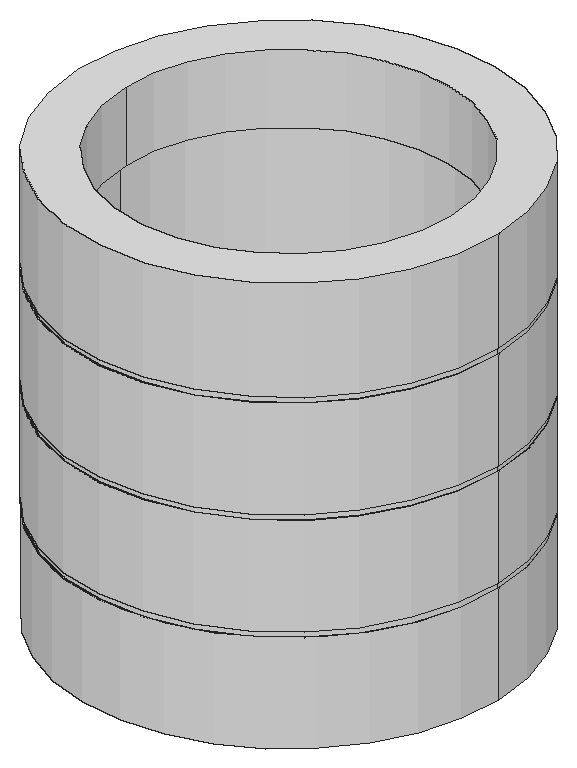
Revit family "Specialty_Equipment-Planter-Planters_Unlimited-Madera-Round", category Specialty Equipment, Revit 2023
Family settings
  Round Connector Dimension = Use Diameter
  Part Type = Normal
  OmniClass Number = 23.40.05.21.17
  OmniClass Title = Planters
  Work Plane-Based = No
  Enable Cutting in Views = Yes
  Always vertical = Yes
  Cut with Voids When Loaded = No
  Maintain Annotation Orientation = No
  Shared = No
  Room Calculation Point = No
Parameters (values of type "Default - Load Type Catalog")
  CD_Pads Offset Radius = (CD_Requested Diameter / 2) - 1"  # 8"
  CD_Pads Offset = CD_Pads Offset Radius / 1.4144  # 5 21/32"
  CD_Opening Diameter Bottom = CD_Opening Diameter Top + 1" / 2  # 14 1/2"
  CD_Opening Diameter Top = CD_Requested Diameter - 4"  # 14"
  Diagonal Support Visibility by Length = if(CD_Requested Diameter > 42", 1 = 1, 1 = 0)  # no
  URL = "https://www.plantersunlimited.com"
  Type Comments = "Round Planter"  # constant formula
  Model = "Madera Series Planters"  # constant formula
  Material = Plastic-Fiberglass-Carlsbad-Faux Wood-Grey
  Manufacturer = "Planters Unlimited"  # constant formula
  CD_Requested Diameter = 18"
  CD_Requested Height = 18"
  Description = "Modular Planting Bed"  # constant formula
  Default Elevation = 0"
  CD_Specification = ""
  CD_Product Page URL = "https://www.plantersunlimited.com/madera-round-wood-style-fiberglass-planter/"
  CD_Product Name = "Madera Planter"  # constant formula
  CD_Offset = 0"
  CD_Microsite = ""
  CD_Diameter Min = 18"
  CD_Diameter Max = 72"
  CD_Height Min = 18"
  CD_Height Max = 60"
  CD_Height = if(CD_Requested Height < CD_Height Min, CD_Height Min, if(CD_Requested Height > CD_Height Max, CD_Height Max, CD_Requested Height))  # 18"
  CD_Diameter = if(CD_Requested Diameter < CD_Diameter Min, CD_Diameter Min, if(CD_Requested Diameter > CD_Diameter Max, CD_Diameter Max, CD_Requested Diameter))  # 18"
  CD_Diagonal Support Half Length = (CD_Requested Diameter / 2) - 7" / 4  # 7 1/4"
  Assembly Code = "G2050600"
Reference planes (in)
  plane 1 "Center (Front/Back)": y = 0
  plane 2 "Bottom": z = 0
  plane 3 "Center (Left/Right)": x = 0
  plane 4 "Left": x = -9
  plane 5 "Right": x = 9
  plane 6 "Top": z = 18
  plane 7 "Top of Pads": z = 0.125
  plane 8: z = 0
  plane 9 "Width Left": x = -7.25
  plane 10 "Width Right": x = 7.25
  plane 11 "Opening Bottom": z = 2.125
  plane 12 "Trim Left": x = -7
  plane 13 "Trim Right": x = 7
  plane 14 "Trim Depth": z = 15
  plane 15 "Fake Wood Three": z = 13.5
  plane 16 "Fake Wood One": z = 4.5
  plane 17 "Fake Wood Two": z = 9
  plane 18 "Diagonal Support": through (0, 0, 48) normal (-0.7071, -0.7071, 0)
  plane 19 "Diagonal Support End One": through (-5.2812, 4.97184, 48) normal (-0.7071, 0.7071, 0)
  plane 20 "Diagonal Support Middle": through (-0.15468, -0.15468, 48) normal (-0.7071, 0.7071, 0)
  plane 21 "Diagonal Support End Two": through (4.97184, -5.2812, 48) normal (-0.7071, 0.7071, 0)
  plane 22 "Back": y = 9
  plane 23 "Front": y = -9
Forms (in)
  Extrusion 1, solid, material "Plastic-Fiberglass-Carlsbad-Faux Wood-Grey" <- "Material", detail levels fine
    sketch origin (0, 0, 0) x (1, 0, 0) y (0, 1, 0)
      loop
        line (-5.65626, 5.65626) -> (-5.65626, 2.65626) -> (-2.65626, 2.65626) -> (-2.65626, 5.65626) -> (-5.65626, 5.65626)
      loop
        line (5.65626, 5.65626) -> (2.65626, 5.65626) -> (2.65626, 2.65626) -> (5.65626, 2.65626) -> (5.65626, 5.65626)
      loop
        line (-5.65626, -5.65626) -> (-2.65626, -5.65626) -> (-2.65626, -2.65626) -> (-5.65626, -2.65626) -> (-5.65626, -5.65626)
      loop
        line (5.65626, -5.65626) -> (5.65626, -2.65626) -> (2.65626, -2.65626) -> (2.65626, -5.65626) -> (5.65626, -5.65626)
    from 0 to 0.125
  Extrusion 2, solid, material "Plastic-Fiberglass-Carlsbad-Faux Wood-Grey" <- "Material", detail levels medium+fine
    sketch origin (0, 0, 0) x (1, 0, 0) y (0, 1, 0)
      loop
        circle (0, 0) r 9
    from 0.125 to 18
  Extrusion 3, void
    sketch origin (0, 0, 0) x (1, 0, 0) y (0, 1, 0)
      loop
        circle (0, 0) r 7
    from 15 to 18
  Extrusion 4, void
    sketch origin (0, 0, 0) x (1, 0, 0) y (0, 1, 0)
      loop
        circle (0, 0) r 7.25
    from 2.125 to 15
  Extrusion 5, solid, material "Plastic-Fiberglass-Carlsbad-Faux Wood-Grey" <- "Material", visible <- "Diagonal Support Visibility by Length"
    sketch origin (0, 0, 0) x (1, 0, 0) y (0, 1, 0)
      loop
        line (0.15468, 0.15468) -> (-4.97184, 5.2812) -> (-5.2812, 4.97184) -> (-0.15468, -0.15468) -> (0.15468, 0.15468)
    from 4.5 to 13.5
  Sweep 6, void
    path origin (0, 0, 0) x (1, 0, 0) y (0, 1, 0)
      loop
        circle (0, 0) r 9
    profile origin (0, 9, 0) x (0, -1, 0) y (0, 0, 1)
      loop
        line (-0.03982, 13.60938) -> (-0.03982, 13.39063) -> (0.03982, 13.39063) -> (0.03982, 13.60938) -> (-0.03982, 13.60938)
  Extrusion 7, solid, material "Plastic-Fiberglass-Carlsbad-Faux Wood-Grey" <- "Material", visible <- "Diagonal Support Visibility by Length"
    sketch origin (0, 0, 0) x (1, 0, 0) y (0, 1, 0)
      loop
        line (-0.15468, -0.15468) -> (4.97184, -5.2812) -> (5.2812, -4.97184) -> (0.15468, 0.15468) -> (-0.15468, -0.15468)
    from 4.5 to 13.5
  Extrusion 8, solid, material "Plastic-Fiberglass-Carlsbad-Faux Wood-Grey" <- "Material", detail levels coarse
    sketch origin (0, 0, 0) x (1, 0, 0) y (0, 1, 0)
      loop
        circle (0, 0) r 9
    from 0 to 18
  Sweep 9, void
    path origin (0, 0, -9) x (1, 0, 0) y (0, 1, 0)
      loop
        circle (0, 0) r 9
    profile origin (0, 9, -9) x (0, -1, 0) y (0, 0, 1)
      loop
        line (-0.03982, 18.10938) -> (-0.03982, 17.89063) -> (0.03982, 17.89063) -> (0.03982, 18.10938) -> (-0.03982, 18.10938)
  Sweep 10, void
    path origin (0, 0, -18) x (1, 0, 0) y (0, 1, 0)
      loop
        circle (0, 0) r 9
    profile origin (0, 9, -18) x (0, -1, 0) y (0, 0, 1)
      loop
        line (-0.03982, 22.60938) -> (-0.03982, 22.39063) -> (0.03982, 22.39063) -> (0.03982, 22.60938) -> (-0.03982, 22.60938)
  Extrusion 11, solid, material "Plastic-Fiberglass-Carlsbad-Faux Wood-Grey" <- "Material", detail levels medium
    sketch origin (0, 0, 0) x (1, 0, 0) y (0, 1, 0)
      loop
        circle (0, 0) r 9
    from 0 to 18
Cuts and joins
  Extrusion 3, Extrusion 4, Sweep 6, Sweep 9, Sweep 10 cuts Extrusion 2
  joined: Extrusion 5, Extrusion 7
  Extrusion 3, Extrusion 4 cuts Extrusion 8
  Extrusion 3, Extrusion 4, Sweep 6, Sweep 9, Sweep 10 cuts Extrusion 11
Lines and regions (in)
  reference lines
    curve 1: circle (0, 0, 0) r 8 normal (0, 0, 1)
Dimensions and locks (in)
  equal spacing: plane 4 "Left", plane 3 "Center (Left/Right)", plane 5 "Right"
  "CD_Diameter": plane 4 "Left" to plane 5 "Right"
  locked: plane 4 "Left" to plane 9 "Width Left" at 1.75
  locked: plane 10 "Width Right" to plane 5 "Right" at 1.75
  locked: plane 11 "Opening Bottom" to plane 7 "Top of Pads" at 2
  locked: plane 4 "Left" to plane 12 "Trim Left" at 2
  locked: plane 13 "Trim Right" to plane 5 "Right" at 2
  locked: plane 6 "Top" to plane 14 "Trim Depth" at 3
  locked: plane 7 "Top of Pads" to plane 2 "Bottom" at 0.125
  "CD_Offset": plane 2 "Bottom" to level
  "CD_Height": plane 6 "Top" to plane 2 "Bottom"
  locked: Extrusion 1 sketch curve to Extrusion 1 sketch curve at 3  (x8)
  equal spacing: plane 6 "Top", plane 15 "Fake Wood Three", plane 17 "Fake Wood Two", plane 16 "Fake Wood One", plane 2 "Bottom"
  "CD_Diagonal Support Half Length": plane 19 "Diagonal Support End One" to plane 20 "Diagonal Support Middle"
  equal spacing: Extrusion 5 sketch curve, plane 18 "Diagonal Support", Extrusion 5 sketch curve
  locked: Extrusion 5 sketch curve to Extrusion 5 sketch curve at 0.4375
  locked: Sweep 6 sketch curve to Sweep 6 sketch curve at 0.21875
  equal spacing: Sweep 6 sketch curve, plane 15 "Fake Wood Three", Sweep 6 sketch curve
  "CD_Diagonal Support Half Length": plane 20 "Diagonal Support Middle" to plane 21 "Diagonal Support End Two"
  equal spacing: Extrusion 7 sketch curve, plane 18 "Diagonal Support", Extrusion 7 sketch curve
  locked: Extrusion 7 sketch curve to Extrusion 7 sketch curve at 0.4375
  "CD_Pads Offset": Extrusion 1 to plane 3 "Center (Left/Right)"  (x2)
  "CD_Pads Offset": Extrusion 1 to plane 1 "Center (Front/Back)"  (x4)
  "CD_Pads Offset": plane 3 "Center (Left/Right)" to Extrusion 1  (x2)
  equal spacing: plane 22 "Back", plane 1 "Center (Front/Back)", plane 23 "Front"
  "CD_Diameter": plane 22 "Back" to plane 23 "Front"
  equal spacing: Sweep 6 sketch curve, plane 22 "Back", Sweep 6 sketch curve
  locked: Sweep 6 sketch curve to Sweep 6 sketch curve at 0.07964
  locked: Sweep 9 sketch curve to Sweep 9 sketch curve at 0.21875
  locked: Sweep 10 sketch curve to Sweep 10 sketch curve at 0.21875
  equal spacing: Sweep 9 sketch curve, plane 22 "Back", Sweep 9 sketch curve
  locked: Sweep 9 sketch curve to Sweep 9 sketch curve at 0.07964
  equal spacing: Sweep 10 sketch curve, plane 22 "Back", Sweep 10 sketch curve
  locked: Sweep 10 sketch curve to Sweep 10 sketch curve at 0.07964
  equal spacing: Sweep 10 sketch curve, plane 16 "Fake Wood One", Sweep 10 sketch curve
  equal spacing: Sweep 9 sketch curve, plane 17 "Fake Wood Two", Sweep 9 sketch curve
  "CD_Diameter": diameter of Extrusion 2 sketch curve
  "CD_Opening Diameter Top": diameter of Extrusion 3 sketch curve
  "CD_Opening Diameter Bottom": diameter of Extrusion 4 sketch curve
  "CD_Diameter": diameter of Sweep 6 sketch curve
  "CD_Pads Offset Radius": radius of curve 1
  "CD_Diameter": diameter of Extrusion 8 sketch curve
  "CD_Diameter": diameter of Sweep 9 sketch curve
  "CD_Diameter": diameter of Sweep 10 sketch curve
  "CD_Diameter": diameter of Extrusion 11 sketch curve
  aligned and locked: plane 7 "Top of Pads" to Extrusion 1
  aligned and locked: Extrusion 1 to plane 2 "Bottom"
  aligned and locked: Extrusion 2 to plane 7 "Top of Pads"
  aligned and locked: plane 6 "Top" to Extrusion 2
  aligned and locked: plane 6 "Top" to Extrusion 3
  aligned and locked: Extrusion 3 to plane 14 "Trim Depth"
  aligned and locked: plane 14 "Trim Depth" to Extrusion 4
  aligned and locked: Extrusion 4 to plane 11 "Opening Bottom"
  aligned and locked: plane 19 "Diagonal Support End One" to Extrusion 5
  aligned and locked: plane 15 "Fake Wood Three" to Extrusion 5
  aligned and locked: Extrusion 5 to plane 16 "Fake Wood One"
  aligned and locked: Extrusion 5 to plane 20 "Diagonal Support Middle"
  aligned and locked: Extrusion 7 sketch curve to plane 20 "Diagonal Support Middle"
  aligned and locked: plane 21 "Diagonal Support End Two" to Extrusion 7 sketch curve
  aligned and locked: plane 15 "Fake Wood Three" to Extrusion 7
  aligned and locked: Extrusion 7 to plane 16 "Fake Wood One"
  aligned and locked: Extrusion 8 to plane 2 "Bottom"
  aligned and locked: plane 6 "Top" to Extrusion 8
  aligned and locked: Extrusion 11 to plane 2 "Bottom"
  aligned and locked: plane 6 "Top" to Extrusion 11
Automatic sketch dimensions
  plane 18 "Diagonal Support" to Extrusion 1 sketch curve = 0"  (x2)
  Extrusion 1 sketch curve to plane 20 "Diagonal Support Middle" = 0"
  plane 20 "Diagonal Support Middle" to Extrusion 1 sketch curve = 0"
  plane 12 "Trim Left" to Extrusion 1 sketch curve = 1 11/32"  (x2)
  plane 22 "Back" to Extrusion 1 sketch curve = 3 11/32"
  plane 23 "Front" to Extrusion 1 sketch curve = 3 11/32"
  Extrusion 5 sketch curve to plane 19 "Diagonal Support End One" = 0"
  Extrusion 5 sketch curve to plane 20 "Diagonal Support Middle" = 0"
  plane 1 "Center (Front/Back)" to curve 1 = 0"
  curve 1 to plane 3 "Center (Left/Right)" = 0"
  plane 1 "Center (Front/Back)" to Extrusion 2 sketch curve = 0"
  Extrusion 2 sketch curve to plane 3 "Center (Left/Right)" = 0"
  plane 1 "Center (Front/Back)" to Extrusion 3 sketch curve = 0"
  Extrusion 3 sketch curve to plane 3 "Center (Left/Right)" = 0"
  plane 1 "Center (Front/Back)" to Extrusion 4 sketch curve = 0"
  Extrusion 4 sketch curve to plane 3 "Center (Left/Right)" = 0"
  plane 1 "Center (Front/Back)" to Sweep 6 sketch curve = 0"
  Sweep 6 sketch curve to plane 3 "Center (Left/Right)" = 0"
  plane 1 "Center (Front/Back)" to Extrusion 8 sketch curve = 0"
  Extrusion 8 sketch curve to plane 3 "Center (Left/Right)" = 0"
  plane 1 "Center (Front/Back)" to Sweep 9 sketch curve = 0"
  Sweep 9 sketch curve to plane 3 "Center (Left/Right)" = 0"
  plane 1 "Center (Front/Back)" to Sweep 10 sketch curve = 0"
  Sweep 10 sketch curve to plane 3 "Center (Left/Right)" = 0"
  plane 1 "Center (Front/Back)" to Extrusion 11 sketch curve = 0"
  Extrusion 11 sketch curve to plane 3 "Center (Left/Right)" = 0"
